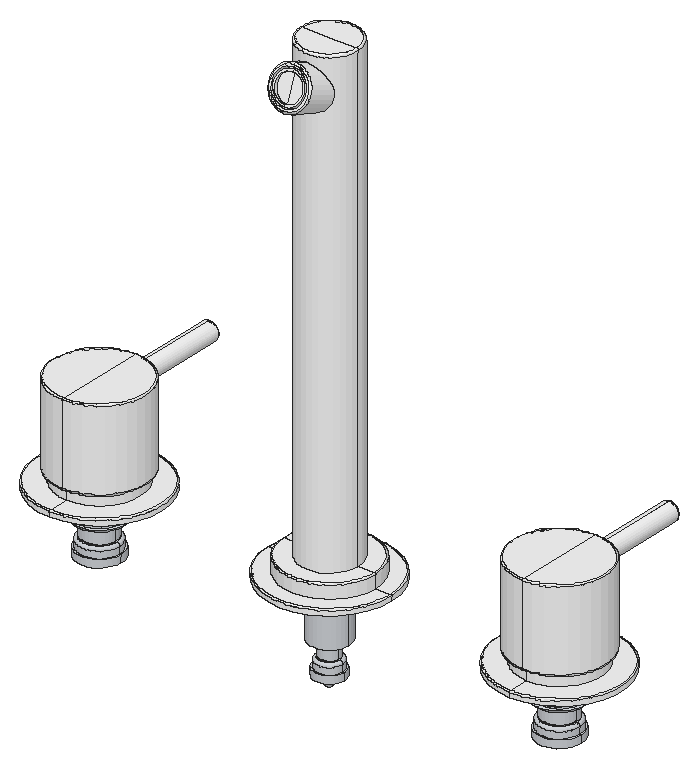
Revit family "Reece_Tap_Sussex_Scala_Straight_Wall Basin Set", category Plumbing Fixtures, host Face, Revit 2018
Family settings
  Host = Face
  Round Connector Dimension = Use Diameter
  Part Type = Normal
  Cut with Voids When Loaded = No
  Shared = Yes
  Room Calculation Point = Yes
Parameters (values of type "200 mm_6 Star_Chrome")
  WFU = 0  # constant formula
  URL = "https://www.reece.com.au/product/-2262954"
  Type Comments = "Tap"
  Reece_Tap_Reach = 200 mm
  Reece_Tap_Projection = 80 mm  # constant formula
  Reece_Tap_Inlet = 12.5 mm  # constant formula
  Reece_Tap_Handle_Height = 43 mm  # constant formula
  Reece_Tap_Handle Spacing [instance] = if(Reece_Tap_Axis Distance < 70 mm, 70 mm, if(Reece_Tap_Axis Distance > 70 mm, Reece_Tap_Axis Distance, Reece_Tap_Axis Distance))  # 100 mm
  Reece_Tap_Axis Distance [instance] = 100 mm
  Reece_Detail_Disclaimer = "THIS FILE IS THE PROPERTY OF THE REECE GROUP. IT MAY NOT BE REPRODUCED, REVERSE-ENGINEERED OR MODIFIED. ANY REPUBLICATION, TRANSMISSION OR DISTRIBUTION FOR THE PURPOSE OF COMMERCIALLY EXPLOITING THE FILES IS PROHIBITED."  # constant formula
  Reece_Backplate_Spout_Thickness = 8.5 mm  # constant formula
  Reece_Product_Web Page = "https://www.reece.com.au/product/-2262954"
  Reece_Product_Type = "Tap"  # constant formula
  Reece_Product_Sub Brand = "Scala"  # constant formula
  Reece_Product_Number = "2262954"
  Reece_Product_Mount = "Wall Mounted"
  Reece_Product_Description = "Sussex Scala Straight Wall Basin Set with 200mm Outlet Chrome (6 Star)"
  Reece_Product_Brand = "Sussex"  # constant formula
  Reece_Overall_Projection = 210 mm
  Reece_Material_Main = Reece_Brass_Chrome
  Reece_Detail_Type = "Wall Basin Set"  # constant formula
  Reece_Detail_Shape = "Straight"  # constant formula
  Reece_Detail_Installation = ""
  Reece_Detail_Connector = ""
  Reece_Backplate_Thickness = 2.5 mm  # constant formula
  Model = "Scala"
  Manufacturer = "Sussex"
  Keynote = "Product #2262954, Reece_Tap_Sussex_Scala_Straight_Wall Basin Set - 200 mm_6 Star_Chrome"
  HWFU = 0  # constant formula
  Disclaimer = "THIS FILE IS THE PROPERTY OF THE REECE GROUP. IT MAY NOT BE REPRODUCED, REVERSE-ENGINEERED OR MODIFIED. ANY REPUBLICATION, TRANSMISSION OR DISTRIBUTION FOR THE PURPOSE OF COMMERCIALLY EXPLOITING THE FILES IS PROHIBITED."  # constant formula
  Description = "Scala Straight Wall Basin Set with 200mm Outlet Chrome (6 Star)"
  Default Elevation = 1000 mm
  CWFU = 0  # constant formula
Types (14, lengths in mm): name | URL | Reece_Tap_Reach | Reece_Product_Web Page | Reece_Product_Number | Reece_Product_Description | Reece_Overall_Projection | Reece_Material_Main | Keynote | Description
  160 mm_5 Star_Chrome | "https://www.reece.com.au/product/-2262437" | 160 | "https://www.reece.com.au/product/-2262437" | "2262437" | "Sussex Scala Straight Wall Basin Set with 160mm Outlet Chrome (5 Star)" | 170 | Reece_Brass_Chrome | "Product #2262437, Reece_Tap_Sussex_Scala_Straight_Wall Basin Set - 160 mm_5 Star_Chrome" | "Scala Straight Wall Basin Set with 160mm Outlet Chrome (5 Star)"
  160 mm_6 Star_Chrome | "https://www.reece.com.au/product/-2262953" | 160 | "https://www.reece.com.au/product/-2262953" | "2262953" | "Sussex Scala Straight Wall Basin Set with 160mm Outlet Chrome (6 Star)" | 170 | Reece_Brass_Chrome | "Product #2262953, Reece_Tap_Sussex_Scala_Straight_Wall Basin Set - 160 mm_6 Star_Chrome" | "Scala Straight Wall Basin Set with 160mm Outlet Chrome (6 Star)"
  160 mm_5 Star_PVD Brushed Platinum Gold | "https://www.reece.com.au/product/-2268287" | 160 | "https://www.reece.com.au/product/-2268287" | "2268287" | "Sussex Scala Straight Wall Basin Set with 160mm Outlet LUX PVD Brushed Platinum Gold (5 Star)" | 170 | Reece_PVD_Brushed_Platinum Gold | "Product #2268287, Reece_Tap_Sussex_Scala_Straight_Wall Basin Set - 160 mm_5 Star_PVD Brushed Platinum Gold" | "Scala Straight Wall Basin Set with 160mm Outlet LUX PVD Brushed Platinum Gold (5 Star)"
  160 mm_6 Star_PVD Brushed Platinum Gold | "https://www.reece.com.au/product/-2268290" | 160 | "https://www.reece.com.au/product/-2268290" | "2268290" | "Sussex Scala Straight Wall Basin Set with 160mm Outlet LUX PVD Brushed Platinum Gold (6 Star)" | 170 | Reece_PVD_Brushed_Platinum Gold | "Product #2268290, Reece_Tap_Sussex_Scala_Straight_Wall Basin Set - 160 mm_6 Star_PVD Brushed Platinum Gold" | "Scala Straight Wall Basin Set with 160mm Outlet LUX PVD Brushed Platinum Gold (6 Star)"
  200 mm_5 Star_Chrome | "https://www.reece.com.au/product/-2262438" | 200 | "https://www.reece.com.au/product/-2262438" | "2262438" | "Sussex Scala Straight Wall Basin Set with 200mm Outlet Chrome (5 Star)" | 210 | Reece_Brass_Chrome | "Product #2262438, Reece_Tap_Sussex_Scala_Straight_Wall Basin Set - 200 mm_5 Star_Chrome" | "Scala Straight Wall Basin Set with 200mm Outlet Chrome (5 Star)"
  200 mm_6 Star_Chrome | "https://www.reece.com.au/product/-2262954" | 200 | "https://www.reece.com.au/product/-2262954" | "2262954" | "Sussex Scala Straight Wall Basin Set with 200mm Outlet Chrome (6 Star)" | 210 | Reece_Brass_Chrome | "Product #2262954, Reece_Tap_Sussex_Scala_Straight_Wall Basin Set - 200 mm_6 Star_Chrome" | "Scala Straight Wall Basin Set with 200mm Outlet Chrome (6 Star)"
  200 mm_6 Star_Living Rustic Bronze | "https://www.reece.com.au/product/-2299580" | 200 | "https://www.reece.com.au/product/-2299580" | "2299580" | "Sussex Scala Straight Wall Basin Set with 200mm Outlet Living Rustic Bronze (6 Star)" | 210 | Reece_Metal_Bronze_Living Rustic | "Product #2299580, Reece_Tap_Sussex_Scala_Straight_Wall Basin Set - 200 mm_6 Star_Living Rustic Bronze" | "Scala Straight Wall Basin Set with 200mm Outlet Living Rustic Bronze (6 Star)"
  200 mm_5 Star_PVD Brushed Platinum Gold | "https://www.reece.com.au/product/-2268288" | 200 | "https://www.reece.com.au/product/-2268288" | "2268288" | "Sussex Scala Straight Wall Basin Set with 200mm Outlet LUX PVD Brushed Platinum Gold (5 Star)" | 210 | Reece_PVD_Brushed_Platinum Gold | "Product #2268288, Reece_Tap_Sussex_Scala_Straight_Wall Basin Set - 200 mm_5 Star_PVD Brushed Platinum Gold" | "Scala Straight Wall Basin Set with 200mm Outlet LUX PVD Brushed Platinum Gold (5 Star)"
  200 mm_6 Star_PVD Brushed Platinum Gold | "https://www.reece.com.au/product/-2268291" | 200 | "https://www.reece.com.au/product/-2268291" | "2268291" | "Sussex Scala Straight Wall Basin Set with 200mm Outlet LUX PVD Brushed Platinum Gold (6 Star)" | 210 | Reece_PVD_Brushed_Platinum Gold | "Product #2268291, Reece_Tap_Sussex_Scala_Straight_Wall Basin Set - 200 mm_6 Star_PVD Brushed Platinum Gold" | "Scala Straight Wall Basin Set with 200mm Outlet LUX PVD Brushed Platinum Gold (6 Star)"
  250 mm_5 Star_Brushed Nickel | "https://www.reece.com.au/product/-2264836" | 250 | "https://www.reece.com.au/product/-2264836" | "2264836" | "Sussex Scala Straight Wall Basin Set with 250mm Outlet Brushed Nickel (5 Star)" | 260 | Reece_Brass_Brushed Nickel | "Product #2264836, Reece_Tap_Sussex_Scala_Straight_Wall Basin Set - 250 mm_5 Star_Brushed Nickel" | "Scala Straight Wall Basin Set with 250mm Outlet Brushed Nickel (5 Star)"
  250 mm_5 Star_Chrome | "https://www.reece.com.au/product/-2262439" | 250 | "https://www.reece.com.au/product/-2262439" | "2262439" | "Sussex Scala Straight Wall Basin Set with 250mm Outlet Chrome (5 Star)" | 260 | Reece_Brass_Chrome | "Product #2262439, Reece_Tap_Sussex_Scala_Straight_Wall Basin Set - 250 mm_5 Star_Chrome" | "Scala Straight Wall Basin Set with 250mm Outlet Chrome (5 Star)"
  250 mm_6 Star_Chrome | "https://www.reece.com.au/product/-2262955" | 250 | "https://www.reece.com.au/product/-2262955" | "2262955" | "Sussex Scala Straight Wall Basin Set with 250mm Outlet Chrome (6 Star)" | 260 | Reece_Brass_Chrome | "Product #2262955, Reece_Tap_Sussex_Scala_Straight_Wall Basin Set - 250 mm_6 Star_Chrome" | "Scala Straight Wall Basin Set with 250mm Outlet Chrome (6 Star)"
  250 mm_5 Star_PVD Brushed Platinum Gold | "https://www.reece.com.au/product/-2268289" | 250 | "https://www.reece.com.au/product/-2268289" | "2268289" | "Sussex Scala Straight Wall Basin Set with 250mm Outlet LUX PVD Brushed Platinum Gold (5 Star)" | 260 | Reece_PVD_Brushed_Platinum Gold | "Product #2268289, Reece_Tap_Sussex_Scala_Straight_Wall Basin Set - 250 mm_5 Star_PVD Brushed Platinum Gold" | "Scala Straight Wall Basin Set with 250mm Outlet LUX PVD Brushed Platinum Gold (5 Star)"
  250 mm_6 Star_PVD Brushed Platinum Gold | "https://www.reece.com.au/product/-2268292" | 250 | "https://www.reece.com.au/product/-2268292" | "2268292" | "Sussex Scala Straight Wall Basin Set with 250mm Outlet LUX PVD Brushed Platinum Gold (6 Star)" | 260 | Reece_PVD_Brushed_Platinum Gold | "Product #2268292, Reece_Tap_Sussex_Scala_Straight_Wall Basin Set - 250 mm_6 Star_PVD Brushed Platinum Gold" | "Scala Straight Wall Basin Set with 250mm Outlet LUX PVD Brushed Platinum Gold (6 Star)"
Reference planes
  plane 1 "Center (Front/Back)": y = 0
  plane 2 "Bottom": z = 0
  plane 3 "Center (Left/Right)": x = 0
  plane 4 "Top": z = 210
  plane 5: x = -100
  plane 6: x = 100
  plane 7: y = 27
  plane 8: y = -27
  plane 9: y = 60
  plane 10: y = -20
  plane 11: y = 20
  plane 12: z = 43
  plane 13: z = 200
Forms (mm)
  Extrusion 1, void
    sketch origin (0, 0, 0) x (1, 0, 0) y (0, 1, 0)
      loop
        circle (-100, 0) r 22
      loop
        circle (100, 0) r 22
    from 0 to -30.325
  Extrusion 2, void
    sketch origin (0, 0, 0) x (1, 0, 0) y (0, 1, 0)
      loop
        circle (0, 0) r 18
    from 0 to -24.501
  Revolve 3, solid
    sketch origin (-31.099, 0, 1219.2) x (1, 0, 0) y (0, 0, 1)
      loop
        line (-70.291, -1249.229) -> (-68.901, -1249.229) -> (-68.901, -1219.2) -> (-80.374, -1219.2) -> (-80.374, -1222.813) -> (-79.398, -1223.187) -> (-79.398, -1223.987) -> (-80.37, -1224.549) -> (-79.398, -1225.023) -> (-79.398, -1225.823) -> (-80.359, -1226.378) -> (-79.398, -1226.846) -> (-79.398, -1227.646) -> (-80.366, -1228.205) -> (-79.398, -1228.616) -> (-79.398, -1229.416) -> (-80.275, -1229.923) -> (-79.166, -1231.032) -> (-76.181, -1231.032) -> (-76.181, -1237.729) -> (-75.615, -1238.294) -> (-76.415, -1238.294)
        arc (-76.415, -1238.294) -> (-77.255, -1238.642) -> (-77.603, -1239.482) r 1.188
        line (-77.603, -1239.482) -> (-77.603, -1242.245) -> (-78.403, -1242.245) -> (-78.403, -1245.49) -> (-72.464, -1245.49) -> (-70.291, -1249.229)
      axis (-68.901, -1219.2) -> (-68.901, -1249.229)
    angle from 0 to 360
  Revolve 4, solid
    sketch origin (31.099, 0, 1219.2) x (-1, 0, 0) y (0, 0, -1)
      loop
        line (-70.291, 1249.229) -> (-72.464, 1245.49) -> (-78.403, 1245.49) -> (-78.403, 1242.245) -> (-77.603, 1242.245) -> (-77.603, 1239.482)
        arc (-77.603, 1239.482) -> (-77.255, 1238.642) -> (-76.415, 1238.294) r 1.188
        line (-76.415, 1238.294) -> (-75.615, 1238.294) -> (-76.181, 1237.729) -> (-76.181, 1231.032) -> (-79.166, 1231.032) -> (-80.275, 1229.923) -> (-79.398, 1229.416) -> (-79.398, 1228.616) -> (-80.366, 1228.205) -> (-79.398, 1227.646) -> (-79.398, 1226.846) -> (-80.359, 1226.378) -> (-79.398, 1225.823) -> (-79.398, 1225.023) -> (-80.37, 1224.549) -> (-79.398, 1223.987) -> (-79.398, 1223.187) -> (-80.374, 1222.813) -> (-80.374, 1219.2) -> (-68.901, 1219.2) -> (-68.901, 1249.229) -> (-70.291, 1249.229)
      axis (-68.901, 1219.2) -> (-68.901, 1249.229)
    angle from 0 to 360
  Revolve 5, solid
    sketch origin (128.836, 0, 1219.229) x (1, 0, 0) y (0, 0, 1)
      loop
        line (-130.291, -1261.136) -> (-128.901, -1261.136) -> (-128.901, -1219.2) -> (-137.374, -1219.2) -> (-137.374, -1242.939) -> (-133.181, -1242.939) -> (-133.181, -1249.636) -> (-132.615, -1250.202) -> (-133.415, -1250.202)
        arc (-133.415, -1250.202) -> (-134.255, -1250.55) -> (-134.603, -1251.39) r 1.188
        line (-134.603, -1251.39) -> (-134.603, -1254.152) -> (-135.403, -1254.152) -> (-135.403, -1257.398) -> (-132.464, -1257.398) -> (-130.291, -1261.136)
      axis (-128.901, -1219.2) -> (-128.901, -1261.136)
    angle from 0 to 360
Text (mm)
  text "Reece Copyright © 2018, Reece Ltd." at (-179.309, -196.603, 0), in view "Ref. Level"
  text "Reece ©" at (44.384, 258.95, 192.345), in view "Reece Preview"
Dimensions and locks
  plane 5 to plane 6 = 200 mm
  "Reece_Tap_Projection": nested 1 to plane 9
  locked: plane 7 to plane 8 at 54
  "Reece_Overall_Projection": plane 4 "Top" to plane 2 "Bottom"  (x2)
  "Reece_Tap_Projection": plane 9 to plane 10
  locked: plane 10 to plane 8 at 7
  plane 8 to plane 7 = 54 mm  (x2)
  equal spacing: plane 5, plane 3 "Center (Left/Right)", plane 6
  nested 1 to nested 1 = 40 mm
  "Reece_Tap_Handle Spacing": plane 5 to plane 3 "Center (Left/Right)" to plane 6  (x2)
  plane 12 to plane 2 "Bottom" = 43 mm
  "Reece_Tap_Reach": plane 13 to plane 2 "Bottom"  (x2)
  nested 3 to plane 1 "Center (Front/Back)" = 22 mm
  plane 1 "Center (Front/Back)" to nested 3 = 22 mm
  nested 3 to nested 3 = 25.029 mm  (x2)
  aligned and locked: plane 2 "Bottom" to host face
  aligned and locked: level to host face
  aligned and locked: plane 1 "Center (Front/Back)" to nested 1
  aligned and locked: plane 10 to nested 1
  aligned and locked: plane 6 to nested 2
  aligned and locked: plane 5 to nested 1
  aligned and locked: nested 3 to plane 13
Automatic sketch dimensions
  host sketch curve to host sketch curve = 380.785 mm
  host sketch curve to host sketch curve = 317.421 mm
  plane 1 "Center (Front/Back)" to Extrusion 1 sketch curve = 0 mm  (x2)
  Extrusion 1 sketch curve to plane 5 = 0 mm
  Extrusion 1 sketch curve to plane 6 = 0 mm
  plane 1 "Center (Front/Back)" to Extrusion 2 sketch curve = 0 mm
  Extrusion 2 sketch curve to plane 3 "Center (Left/Right)" = 0 mm
  Revolve 3 sketch curve to level = 0 mm
  plane 5 to Revolve 3 sketch curve = 0 mm  (x2)
  plane 5 to Revolve 3 sketch curve = 1.39 mm
  plane 5 to Revolve 3 sketch curve = 3.563 mm
  plane 5 to Revolve 3 sketch curve = 6.714 mm
  plane 5 to Revolve 3 sketch curve = 7.28 mm
  Revolve 3 sketch curve to Revolve 3 sketch curve = 0.8 mm  (x6)
  Revolve 3 sketch curve to Revolve 3 sketch curve = 1.188 mm
  Revolve 3 sketch curve to Revolve 3 sketch curve = 2.986 mm
  Revolve 3 sketch curve to Revolve 3 sketch curve = 0.231 mm  (x2)
  Revolve 3 sketch curve to Revolve 3 sketch curve = 0 mm  (x2)
  Revolve 3 sketch curve to level = 3.987 mm
  Revolve 3 sketch curve to Revolve 3 sketch curve = 0.878 mm
  Revolve 3 sketch curve to Revolve 3 sketch curve = 0.961 mm
  Revolve 3 sketch curve to Revolve 3 sketch curve = 0.968 mm
  Revolve 3 sketch curve to level = 5.349 mm
  Revolve 3 sketch curve to Revolve 3 sketch curve = 0.972 mm
  Revolve 3 sketch curve to level = 3.612 mm
  Revolve 3 sketch curve to Revolve 3 sketch curve = 0.977 mm
  Revolve 3 sketch curve to Revolve 3 sketch curve = 0.474 mm
  Revolve 3 sketch curve to Revolve 3 sketch curve = 0.555 mm
  Revolve 3 sketch curve to Revolve 3 sketch curve = 1.023 mm
  Revolve 3 sketch curve to Revolve 3 sketch curve = 0.559 mm
  Revolve 3 sketch curve to Revolve 3 sketch curve = 0.97 mm
  Revolve 3 sketch curve to Revolve 3 sketch curve = 0.507 mm
  Revolve 3 sketch curve to Revolve 3 sketch curve = 1.615 mm
  Revolve 3 sketch curve to Revolve 3 sketch curve = 6.697 mm
  Revolve 3 sketch curve to Revolve 3 sketch curve = 0.566 mm
  Revolve 3 sketch curve to Revolve 3 sketch curve = 2.762 mm
  Revolve 3 sketch curve to Revolve 3 sketch curve = 3.246 mm
  Revolve 3 sketch curve to Revolve 3 sketch curve = 3.739 mm
  Revolve 3 sketch curve to Revolve 3 sketch curve = 7.488 mm
  Revolve 3 sketch curve to Revolve 3 sketch curve = 8.93 mm
  Revolve 4 sketch curve to level = 0 mm
  Revolve 4 sketch curve to plane 6 = 0 mm
  plane 6 to Revolve 4 sketch curve = 0 mm
  plane 6 to Revolve 4 sketch curve = 1.39 mm
  plane 6 to Revolve 4 sketch curve = 3.563 mm
  plane 6 to Revolve 4 sketch curve = 6.714 mm
  plane 6 to Revolve 4 sketch curve = 7.28 mm
  Revolve 4 sketch curve to Revolve 4 sketch curve = 0.8 mm  (x6)
  Revolve 4 sketch curve to Revolve 4 sketch curve = 1.188 mm
  Revolve 4 sketch curve to Revolve 4 sketch curve = 2.986 mm
  Revolve 4 sketch curve to Revolve 4 sketch curve = 0.231 mm  (x2)
  Revolve 4 sketch curve to Revolve 4 sketch curve = 0 mm  (x2)
  Revolve 4 sketch curve to level = 3.987 mm
  Revolve 4 sketch curve to Revolve 4 sketch curve = 0.878 mm
  Revolve 4 sketch curve to Revolve 4 sketch curve = 0.961 mm
  Revolve 4 sketch curve to Revolve 4 sketch curve = 0.968 mm
  Revolve 4 sketch curve to level = 5.349 mm
  Revolve 4 sketch curve to Revolve 4 sketch curve = 0.972 mm
  Revolve 4 sketch curve to level = 3.612 mm
  Revolve 4 sketch curve to Revolve 4 sketch curve = 0.977 mm
  Revolve 4 sketch curve to Revolve 4 sketch curve = 1.036 mm
  Revolve 4 sketch curve to Revolve 4 sketch curve = 0.555 mm
  Revolve 4 sketch curve to Revolve 4 sketch curve = 1.023 mm
  Revolve 4 sketch curve to Revolve 4 sketch curve = 0.559 mm
  Revolve 4 sketch curve to Revolve 4 sketch curve = 0.97 mm
  Revolve 4 sketch curve to Revolve 4 sketch curve = 0.507 mm
  Revolve 4 sketch curve to Revolve 4 sketch curve = 1.109 mm
  Revolve 4 sketch curve to Revolve 4 sketch curve = 6.697 mm
  Revolve 4 sketch curve to Revolve 4 sketch curve = 0.566 mm
  Revolve 4 sketch curve to Revolve 4 sketch curve = 2.762 mm
  Revolve 4 sketch curve to Revolve 4 sketch curve = 3.246 mm
  Revolve 4 sketch curve to Revolve 4 sketch curve = 3.739 mm
  Revolve 4 sketch curve to Revolve 4 sketch curve = 8.93 mm
  Revolve 4 sketch curve to Revolve 4 sketch curve = 7.488 mm
  Revolve 5 sketch curve to plane 3 "Center (Left/Right)" = 8.539 mm
  Revolve 5 sketch curve to plane 3 "Center (Left/Right)" = 6.567 mm
  Revolve 5 sketch curve to Revolve 5 sketch curve = 0.8 mm
  Revolve 5 sketch curve to Revolve 5 sketch curve = 1.188 mm
  Revolve 5 sketch curve to Revolve 5 sketch curve = 4.194 mm
  Revolve 5 sketch curve to Revolve 5 sketch curve = 0.566 mm  (x2)
  Revolve 5 sketch curve to Revolve 5 sketch curve = 2.939 mm
  Revolve 5 sketch curve to plane 3 "Center (Left/Right)" = 1.455 mm
  level to Revolve 5 sketch curve = 0.029 mm
  Revolve 5 sketch curve to plane 3 "Center (Left/Right)" = 0.065 mm  (x2)
  Revolve 5 sketch curve to level = 23.71 mm
  Revolve 5 sketch curve to Revolve 5 sketch curve = 6.697 mm
  Revolve 5 sketch curve to Revolve 5 sketch curve = 2.762 mm
  Revolve 5 sketch curve to Revolve 5 sketch curve = 3.246 mm
  Revolve 5 sketch curve to Revolve 5 sketch curve = 3.739 mm
  Revolve 5 sketch curve to Revolve 5 sketch curve = 0.681 mm
  Revolve 5 sketch curve to Revolve 5 sketch curve = 8.93 mm
  radius of Extrusion 1 sketch curve = 22 mm  (x2)
  radius of Extrusion 2 sketch curve = 18 mm
Nested families
  nested 1: "Reece_Tap_Sussex_Scala_Set_Mixer_Nested" at (-100, 0, 0), Reece_Backplate_Thickness <- "Reece_Backplate_Thickness", Reece_Tap_Handle_Height <- "Reece_Tap_Handle_Height", Reece_Tap_Projection <- "Reece_Tap_Projection", Reece_Material_Main <- "Reece_Material_Main", type "Reece_Tap_Sussex_Scala_Set_Mixer_Nested"
    with Reece_Tap_Projection 80 mm, Reece_Tap_Handle_Height 43 mm, Reece_Material_Main Reece_Brass_Chrome, Reece_Backplate_Thickness 2.5 mm
  nested 2: "Reece_Tap_Sussex_Scala_Set_Mixer_Nested" at (100, 0, 0) x (-1, 0, 0) z (0, 0, 1), Reece_Backplate_Thickness <- "Reece_Backplate_Thickness", Reece_Tap_Handle_Height <- "Reece_Tap_Handle_Height", Reece_Tap_Projection <- "Reece_Tap_Projection", Reece_Material_Main <- "Reece_Material_Main", type "Reece_Tap_Sussex_Scala_Set_Mixer_Nested"
    with Reece_Tap_Projection 80 mm, Reece_Tap_Handle_Height 43 mm, Reece_Material_Main Reece_Brass_Chrome, Reece_Backplate_Thickness 2.5 mm
  nested 3: "Reece_Tap_Sussex_Scala_Outlet_Nested" at (0, 0, -1.156), Reece_Overall_Projection <- "Reece_Overall_Projection", Reece_Tap_Reach <- "Reece_Tap_Reach", Reece_Material_Main <- "Reece_Material_Main", Reece_Backplate_Spout_Thickness <- "Reece_Backplate_Spout_Thickness", type "Reece_Tap_Sussex_Scala_Outlet_Nested"
    with Reece_Tap_Reach 200 mm, Reece_Overall_Projection 210 mm, Reece_Material_Main Reece_Brass_Chrome, Reece_Backplate_Spout_Thickness 8.5 mm
Connectors
  piping at (-100, 0, -26.29), diameter 12.5, driven by "Reece_Tap_Inlet"
    settings: on Revolve 3, index 1, connector inside diameter 609.6 mm, connector length 0 mm, flow factor 0, pipe flow 0.0 L/s, pressure drop 0.0 Pa, fitting loss kfactor 0, connector angle 0.00°, fixture units 0, engagement length 0 mm, angle of deflection 0.00°, flow configuration 0, flow direction 1, fitting loss method 0, system type 29, joint type 0, gender type 0, connector reference index -1, connector utility 0, adjustable connector no, is connector primary yes, connector description ""
  piping at (-0.065, 0, -38.169), diameter 12.5, driven by "Reece_Tap_Inlet"
    settings: on Revolve 5, index 5, connector inside diameter 609.6 mm, connector length 0 mm, flow factor 0, pipe flow 0.0 L/s, pressure drop 0.0 Pa, fitting loss kfactor 0, connector angle 0.00°, fixture units 0, engagement length 0 mm, angle of deflection 0.00°, flow configuration 0, flow direction 1, fitting loss method 0, system type 29, joint type 0, gender type 0, connector reference index -1, connector utility 0, adjustable connector no, is connector primary no, connector description ""
  piping at (100, 0, -26.29), diameter 12.5, driven by "Reece_Tap_Inlet"
    settings: on Revolve 4, index 6, connector inside diameter 609.6 mm, connector length 0 mm, flow factor 0, pipe flow 0.0 L/s, pressure drop 0.0 Pa, fitting loss kfactor 0, connector angle 0.00°, fixture units 0, engagement length 0 mm, angle of deflection 0.00°, flow configuration 0, flow direction 1, fitting loss method 0, system type 29, joint type 0, gender type 0, connector reference index -1, connector utility 0, adjustable connector no, is connector primary no, connector description ""
Definition of nested family "Reece_Tap_Sussex_Scala_Set_Mixer_Nested"
  Parameters (values of type "Reece_Tap_Sussex_Scala_Set_Mixer_Nested")
    Waste Connection = no
    WFU = 0
    Vent Connection = no
    URL = ""
    Type Comments = ""
    Reece_Tap_Projection [instance] = 80 mm
    Reece_Tap_Handle_Height [instance] = 45 mm
    Reece_Material_Main [instance] = none
    Reece_Backplate_Thickness [instance] = 3 mm
    Model = ""
    Manufacturer = ""
    Keynote = ""
    HWFU = 0
    HW Connection = no
    Description = ""
    Default Elevation = 0 mm
    Cost = 0
    CWFU = 0
    CW Connection = no
    Assembly Code = ""
  Reference planes
    plane 1 "Center (Front/Back)": y = 0
    plane 2 "Bottom": z = 0
    plane 3 "Center (Left/Right)": x = 0
    plane 4: y = -27
    plane 5: y = 27
    plane 6: y = -20
    plane 7: y = 20
    plane 8: z = 36.5
    plane 9: x = -27
    plane 10: x = 27
    plane 11: y = 60
    plane 12: z = 45
    plane 13: z = 3
    plane 14: x = -20
    plane 15: x = 20
  Forms (mm)
    Extrusion 1, solid
      sketch origin (619.2, -619.2, 0) x (1, 0, 0) y (0, 1, 0)
        loop
          line (-809.2, 779.2) -> (-809.2, 461.779) -> (-428.415, 461.779) -> (-428.415, 779.2) -> (-809.2, 779.2)
      from 0 to -9.564
    Revolve 2, solid, material <- "Reece_Material_Main"
      sketch origin (0, 0, 0) x (0, 1, 0) y (0, 0, 1)
        loop
          line (0, 0) -> (0, 45) -> (-19.5, 45)
          arc (-19.5, 45) -> (-19.854, 44.854) -> (-20, 44.5) r 0.5
          line (-20, 44.5) -> (-20, 8.5)
          arc (-20, 8.5) -> (-19.854, 8.146) -> (-19.5, 8) r 0.5
          line (-19.5, 8) -> (-17.75, 8) -> (-17.75, 3) -> (-26.5, 3)
          arc (-26.5, 3) -> (-26.854, 2.854) -> (-27, 2.5) r 0.5
          line (-27, 2.5) -> (-27, 0) -> (0, 0)
        axis (0, 45) -> (0, 0)
      angle from 0 to 360
    Revolve 3, solid, material <- "Reece_Material_Main"
      sketch origin (0, 0, 0) x (0, -1, 0) y (0, 0, -1)
        loop
          line (0, -36.5) -> (-60, -36.5) -> (-60, -40)
          arc (-60, -40) -> (-59.854, -40.354) -> (-59.5, -40.5) r 0.5
          line (-59.5, -40.5) -> (0, -40.5) -> (0, -36.5)
        axis (0, -36.5) -> (-60, -36.5)
      angle from 0 to 360
  Cuts and joins
    joined: Revolve 2, Revolve 3
  Text (mm)
    text "Reece Copyright © 2018, Reece Ltd." at (-1403.988, -1192.393, 0), in view "Ref. Level"
    text "Reece ©" at (44.384, 258.95, 192.345), in view "Reece Preview"
  Dimensions and locks
    locked: plane 12 to plane 8 at 8.5
    "Reece_Backplate_Thickness": plane 13 to plane 2 "Bottom"
    "Reece_Tap_Handle_Height": plane 12 to plane 2 "Bottom"
    "Reece_Tap_Projection": plane 11 to plane 6
    plane 7 to plane 6 = 40 mm
    aligned and locked: plane 2 "Bottom" to Extrusion 1
    aligned and locked: level to Extrusion 1
    aligned and locked: Revolve 2 sketch curve to plane 12
    aligned and locked: plane 13 to Revolve 2 sketch curve
  Automatic sketch dimensions
    Extrusion 1 sketch curve to Extrusion 1 sketch curve = 380.785 mm
    Extrusion 1 sketch curve to Extrusion 1 sketch curve = 317.421 mm
    plane 8 to Revolve 3 sketch curve = 0 mm
    Revolve 3 sketch curve to plane 11 = 0 mm
    Revolve 3 sketch curve to plane 8 = 0 mm
    Revolve 3 sketch curve to plane 1 "Center (Front/Back)" = 0 mm
    plane 11 to Revolve 3 sketch curve = 0.5 mm
    plane 8 to Revolve 3 sketch curve = 3.5 mm
    Revolve 3 sketch curve to plane 1 "Center (Front/Back)" = 5 mm
    Revolve 3 sketch curve to Revolve 3 sketch curve = 5 mm
    level to Revolve 2 sketch curve = 0 mm
    Revolve 2 sketch curve to plane 4 = 0 mm
    Revolve 2 sketch curve to plane 6 = 0 mm
    Revolve 2 sketch curve to plane 1 "Center (Front/Back)" = 0 mm  (x2)
    plane 4 to Revolve 2 sketch curve = 0.5 mm
    Revolve 2 sketch curve to Revolve 2 sketch curve = 0.5 mm  (x2)
    Revolve 2 sketch curve to Revolve 2 sketch curve = 1.75 mm
    Revolve 2 sketch curve to Revolve 2 sketch curve = 5 mm
    Revolve 2 sketch curve to level = 20 mm
    plane 13 to Revolve 2 sketch curve = 10 mm
Definition of nested family "Reece_Tap_Sussex_Scala_Outlet_Nested"
  Parameters (values of type "Reece_Tap_Sussex_Scala_Outlet_Nested")
    Waste Connection = no
    WFU = 0
    Vent Connection = no
    URL = ""
    Type Comments = ""
    Reece_Tap_Reach [instance] = 160 mm
    Reece_Backplate_Spout_Thickness [instance] = 9.3 mm
    Reece_Overall_Projection [instance] = 170 mm
    Reece_Material_Main [instance] = none
    Model = ""
    Manufacturer = ""
    Keynote = ""
    HWFU = 0
    HW Connection = no
    Description = ""
    Default Elevation = 0 mm
    Cost = 0
    CWFU = 0
    CW Connection = no
    Assembly Code = ""
  Reference planes
    plane 1 "Center (Front/Back)": y = 0
    plane 2 "Bottom": z = 1.156
    plane 3 "Center (Left/Right)": x = 0
    plane 4: x = -83
    plane 5: x = 83
    plane 6: x = 142.5
    plane 7: z = 161.156
    plane 8: y = 27
    plane 9: y = -27
    plane 10: x = 63
    plane 11: x = 103
    plane 12: z = 171.156
    plane 13: y = -22
    plane 14: x = -12.515
    plane 15: x = 12.515
    plane 16: z = 10.456
  Forms (mm)
    Extrusion 1, solid
      sketch origin (619.2, -619.2, 0) x (1, 0, 0) y (0, 1, 0)
        loop
          line (-809.2, 744.2) -> (-809.2, 511.85) -> (-428.415, 511.85) -> (-428.415, 744.2) -> (-809.2, 744.2)
      from 1.156 to -9.564
    Revolve 2, solid, material <- "Reece_Material_Main"
      sketch origin (0, 0, 0) x (1, 0, 0) y (0, 0, 1)
        loop
          arc (12.5, 170.356) -> (12.266, 170.921) -> (11.7, 171.156) r 0.8
          line (11.7, 171.156) -> (0, 171.156) -> (0, 10.456) -> (12.5, 10.456) -> (12.5, 170.356)
        axis (0, 171.156) -> (0, 10.456)
      angle from 0 to 360
    Revolve 3, solid, material <- "Reece_Material_Main"
      sketch origin (0, -265.32, 38.762) x (0, -0.374607, -0.927184) y (0, 0.927184, -0.374607)
        loop
          line (-212.131, 179.752) -> (-212.131, 183.683) -> (-211.331, 183.683) -> (-211.331, 179.752) -> (-210.502, 179.752) -> (-210.502, 180.591) -> (-204.631, 180.591) -> (-204.631, 202.429) -> (-213.631, 202.429) -> (-213.631, 180.33)
          arc (-213.631, 180.33) -> (-213.462, 179.922) -> (-213.053, 179.752) r 0.578
          line (-213.053, 179.752) -> (-212.131, 179.752)
        axis (-204.631, 202.429) -> (-204.631, 179.752)
      angle from 0 to 360
    Revolve 4, solid, material <- "Reece_Material_Main"
      sketch origin (0, 0, 0) x (1, 0, 0) y (0, 0, 1)
        loop
          line (27, 1.156) -> (27, 3.144)
          arc (27, 3.144) -> (26.85, 3.506) -> (26.488, 3.656) r 0.512
          line (26.488, 3.656) -> (20, 3.656) -> (20, 9.156)
          arc (20, 9.156) -> (19.853, 9.509) -> (19.5, 9.656) r 0.5
          line (19.5, 9.656) -> (11.2, 9.656) -> (11.2, 10.501) -> (0, 10.501) -> (0, 1.156) -> (27, 1.156)
        axis (0, 10.501) -> (0, 1.156)
      angle from 0 to 360
  Cuts and joins
    joined: Revolve 2, Revolve 3
  Text (mm)
    text "Reece Copyright © 2018, Reece Ltd." at (-306.098, -56.836, 0), in view "Ref. Level"
    text "Reece ©" at (44.384, 258.95, 192.345), in view "Reece Preview"
  Dimensions and locks
    plane 4 to plane 5 = 166 mm
    plane 9 to plane 8 = 54 mm
    plane 10 to plane 11 = 40 mm
    plane 12 to plane 7 to plane 2 "Bottom" = 10 mm, 160 mm
    "Reece_Tap_Reach": plane 7 to plane 2 "Bottom"
    plane 2 "Bottom" to plane 12 = 170 mm  (x2)
    plane 7 to plane 12 = 10 mm
    plane 12 to plane 7 = 10 mm
    plane 1 "Center (Front/Back)" to plane 13 = 22 mm
    plane 14 to plane 15 = 25.029 mm
    equal spacing: plane 4, plane 3 "Center (Left/Right)", plane 5
    plane 8 to plane 9 = 54 mm
    "Reece_Overall_Projection": plane 2 "Bottom" to plane 12
    "Reece_Backplate_Spout_Thickness": plane 16 to plane 2 "Bottom"
    aligned and locked: plane 2 "Bottom" to Extrusion 1
    aligned and locked: plane 12 to Revolve 2 sketch curve
    aligned and locked: plane 16 to cut or joined group of Revolve 2, Revolve 3
  Automatic sketch dimensions
    Extrusion 1 sketch curve to Extrusion 1 sketch curve = 380.785 mm
    Extrusion 1 sketch curve to Extrusion 1 sketch curve = 232.35 mm
    plane 7 to Revolve 3 sketch curve = 0.15 mm
    Revolve 3 sketch curve to plane 1 "Center (Front/Back)" = 2.397 mm
    Revolve 3 sketch curve to Revolve 3 sketch curve = 0.578 mm
    Revolve 3 sketch curve to Revolve 3 sketch curve = 0.922 mm
    Revolve 3 sketch curve to Revolve 3 sketch curve = 0.8 mm
    Revolve 3 sketch curve to Revolve 3 sketch curve = 0.829 mm
    Revolve 3 sketch curve to Revolve 3 sketch curve = 5.871 mm
    Revolve 3 sketch curve to Revolve 3 sketch curve = 18.746 mm
    Revolve 3 sketch curve to Revolve 3 sketch curve = 3.092 mm
    Revolve 3 sketch curve to Revolve 3 sketch curve = 0.261 mm
    Revolve 3 sketch curve to Revolve 3 sketch curve = 0 mm  (x2)
    Revolve 3 sketch curve to Revolve 3 sketch curve = 8.179 mm
    Revolve 3 sketch curve to Revolve 3 sketch curve = 8.71 mm
    Revolve 2 sketch curve to plane 3 "Center (Left/Right)" = 0 mm  (x2)
    Revolve 2 sketch curve to plane 15 = 0.815 mm
    Revolve 2 sketch curve to plane 15 = 0.015 mm
    Revolve 2 sketch curve to level = 7.912 mm
    Revolve 4 sketch curve to plane 3 "Center (Left/Right)" = 0 mm  (x2)
    Revolve 4 sketch curve to plane 2 "Bottom" = 0 mm
    Revolve 4 sketch curve to plane 15 = 1.315 mm
    plane 15 to Revolve 4 sketch curve = 6.985 mm
    plane 2 "Bottom" to Revolve 4 sketch curve = 2.5 mm
    Revolve 4 sketch curve to Revolve 4 sketch curve = 0.5 mm
    plane 2 "Bottom" to Revolve 4 sketch curve = 1.988 mm
    Revolve 4 sketch curve to Revolve 4 sketch curve = 6.488 mm
    Revolve 4 sketch curve to level = 7.912 mm
    plane 2 "Bottom" to Revolve 2 sketch curve = 9.3 mm
    Revolve 2 sketch curve to Revolve 2 sketch curve = 1.755 mm
    Revolve 4 sketch curve to Revolve 4 sketch curve = 5.5 mm
    Revolve 4 sketch curve to Revolve 4 sketch curve = 9.345 mm
    Revolve 4 sketch curve to Revolve 4 sketch curve = 1.8 mm
